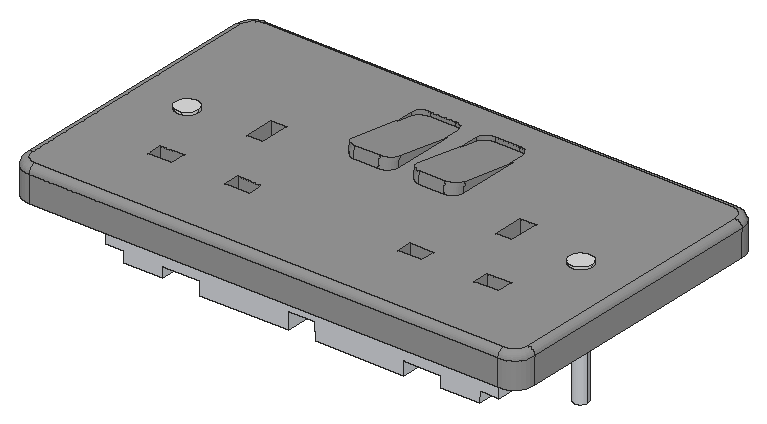
Revit family "ElectricalFixture_WiringAccessories_Hager_Sollysta_SwitchedSockets2Gang", category Electrical Fixtures, host Face, Revit 2015
Parameters (values of type "WMSS82")
  Warranty ID = ""
  Voltage (Volts) = "230V/240V"
  Unique Reference = "WMSS82"
  Type = "ElectricalFixture"
  Technical Description = Description  # "2GangDoublePoleSwitchedSocketDualEarth"
  Switch = yes
  Supply Phase = "1"
  Size = ""
  Shipping Weight kg = "0.188"
  Shape = "Rectangular"
  Reference Standard = "BS 1363-2"
  Product URL = "http://www.hager.co.uk/product-catalogue/wiring-accessories/sollysta/white-moulded/white-moulded-sockets/58428.htm"
  Product Range = "Sollysta"
  Product Model Number = "WMSS82"
  Product Literature = "http://www.hager.co.uk/product-catalogue/wiring-accessories/sollysta/38662.htm"
  Product Group = "WiringAccessories"
  Product Family = "WhiteMouldedSockets_SwitchedSockets"
  Packaging Recyclable = yes
  Overall Width = 0.0 mm
  Overall Length = 146.0 mm
  Overall Height = 86.0 mm
  Overall Depth = 26.07 mm
  Operation and Maintenance Manual = ""
  Name = "WhiteMouldedSocket_WMSS82"
  Measurement Units = "mm"
  Material = Urea Formaldehyde Thermoset Plastic
  Manufacturer Website = "http://www.hager.co.uk/"
  Manufacturer Country = "United Kingdom"
  Manufacturer = "Hager"
  LED Indicator Switch = no
  Gross Weight kg = "0.165"
  Frequency = "50/60Hz"
  Finish = "Gloss"
  Features = Description  # "2GangDoublePoleSwitchedSocketDualEarth"
  Extrusion From Wall = 12.61 mm
  Expected Life = "25 years"
  EAN Code = "5015652261117"
  Distance From Edge = 57.0 mm
  Distance From Centre = 21.098 mm
  Design Country = "China"
  Description = "2GangDoublePoleSwitchedSocketDualEarth"
  Default Elevation = 1219.2 mm
  Colour = "SollystaWhite"
  CE Approval = yes
Types (5, lengths in mm): name | Unique Reference | Technical Description | Switch | Product Model Number | Name | LED Indicator Switch | Features | EAN Code | Distance From Edge | Distance From Centre | Description
  WMSS82 | "WMSS82" | "2GangDoublePoleSwitchedSocketDualEarth" | yes | "WMSS82" | "WhiteMouldedSocket_WMSS82" | no | "2GangDoublePoleSwitchedSocketDualEarth" | "5015652261117" | 57.0 | 21.098 | "2GangDoublePoleSwitchedSocketDualEarth"
  WMSS82 N | "WMSS82N" | "2GangDoublePoleSwitchedSocketDualEarthWithLEDIndicators" | no | "WMSS82N" | "WhiteMouldedSocket_WMSS82N" | yes | "2GangDoublePoleSwitchedSocketDualEarthWithLEDIndicators" | "5015652261117" | 57.0 | 21.098 | "2GangDoublePoleSwitchedSocketDualEarthWithLEDIndicators"
  WMSS82O | "WMSS82O" | "2GangDoublePoleSwitchedSocketDualEarthOutboardRockers" | yes | "WMSS82O" | "WhiteMouldedSocket_WMSS82O" | no | "2GangDoublePoleSwitchedSocketDualEarthOutboardRockers" | "5015652261124" | 11.0 | 15.0 | "2GangDoublePoleSwitchedSocketDualEarthOutboardRockers"
  WMSS82ON | "WMSS82ON" | "2GangDoublePoleSwitchedSocketDualEarthOutboardRockerWithLEDIndicators" | no | "WMSS82ON" | "WhiteMouldedSocket_WMSS82ON" | yes | "2GangDoublePoleSwitchedSocketDualEarthOutboardRockerWithLEDIndicators" | "5015654745462" | 11.0 | 15.0 | "2GangDoublePoleSwitchedSocketDualEarthOutboardRockerWithLEDIndicators"
  WMSS82/HOUSERNG | "WMSS82/HOUSERNG" | "2GangDoublePoleSwitchedSocketDualEarthMarkedHousering" | yes | "WMSS82/HOUSERNG" | "WhiteMouldedSocket_WMSS82/HOUSERNG" | no | "2GangDoublePoleSwitchedSocketDualEarthMarkedHousering" | "5015654749965" | 57.0 | 21.098 | "2GangDoublePoleSwitchedSocketDualEarthMarkedHousering"
Reference planes
  plane 1 "Center (Front/Back)": y = 0
  plane 2: z = 0
  plane 3 "Center (Left/Right)": x = 0
  plane 4: y = -43
  plane 5: y = 43
  plane 6: x = -73
  plane 7: x = 73
  plane 8: z = 9.47
  plane 9: z = -16.6
  plane 10: z = 12.61
  plane 11: y = -471.393
  plane 12: z = -20.53
  plane 13: x = -2.586
  plane 14: x = -16
  plane 15: x = -38.077
  plane 16: x = -43.298
  plane 17: x = -50.332
  plane 18: x = -28.135
  plane 19: x = -21.098
  plane 20: x = -33.398
  plane 21: x = 2.586
  plane 22: x = 16
  plane 23: x = 38.077
  plane 24: x = 43.298
  plane 25: x = 50.332
  plane 26: x = 28.135
  plane 27: x = 21.098
  plane 28: x = 33.398
  plane 29: x = -56.219
  plane 30: x = 56.5
Forms (mm)
  Extrusion 1, solid, material "Urea Formaldehyde Thermoset Plastic", detail levels fine
    sketch origin (0, 0, 0) x (1, 0, 0) y (0, 1, 0)
      loop
        arc (67.146, -43) -> (71.285, -41.285) -> (73, -37.146) r 5.854
        line (73, -37.146) -> (73, 37.146)
        arc (73, 37.146) -> (71.285, 41.285) -> (67.146, 43) r 5.854
        line (67.146, 43) -> (-67.146, 43)
        arc (-67.146, 43) -> (-71.285, 41.285) -> (-73, 37.146) r 5.854
        line (-73, 37.146) -> (-73, -37.146)
        arc (-73, -37.146) -> (-71.285, -41.285) -> (-67.146, -43) r 5.854
        line (-67.146, -43) -> (67.146, -43)
      loop
        line (-16, 29.658) -> (-16, 8.552)
        spline (-16, 8.552) -> (-15.968, 8.217) -> (-15.912, 7.887) -> (-15.819, 7.565) -> (-15.691, 7.255) -> (-15.53, 6.961) -> (-15.336, 6.687) -> (-15.113, 6.437) -> (-14.864, 6.213) -> (-14.591, 6.018) -> (-14.298, 5.855) -> (-13.989, 5.725) -> (-13.667, 5.631)
        line (-13.667, 5.631) -> (-4.905, 5.631)
        spline (-4.905, 5.631) -> (-4.583, 5.725) -> (-4.274, 5.855) -> (-3.981, 6.018) -> (-3.709, 6.213) -> (-3.459, 6.437) -> (-3.236, 6.687) -> (-3.043, 6.961) -> (-2.881, 7.255) -> (-2.754, 7.565) -> (-2.661, 7.887) -> (-2.605, 8.217) -> (-2.586, 8.552)
        line (-2.586, 8.552) -> (-2.586, 29.658)
        spline (-2.586, 29.658) -> (-2.612, 30.049) -> (-2.689, 30.434) -> (-2.815, 30.806) -> (-2.988, 31.158) -> (-3.206, 31.484) -> (-3.465, 31.779) -> (-3.76, 32.037) -> (-4.086, 32.255) -> (-4.438, 32.429) -> (-4.809, 32.555) -> (-5.194, 32.632) -> (-5.586, 32.657)
        line (-5.586, 32.657) -> (-12.987, 32.694)
        spline (-12.987, 32.694) -> (-13.378, 32.632) -> (-13.763, 32.555) -> (-14.135, 32.429) -> (-14.487, 32.255) -> (-14.813, 32.037) -> (-15.108, 31.779) -> (-15.367, 31.484) -> (-15.585, 31.158) -> (-15.758, 30.806) -> (-15.884, 30.434) -> (-15.961, 30.049) -> (-16, 29.658)
      loop
        line (-38.077, 7.05) -> (-38.077, -1.65) -> (-33.398, -1.65) -> (-33.398, 7.05) -> (-38.077, 7.05)
      loop
        line (-50.332, -17.166) -> (-50.332, -21.803) -> (-43.298, -21.803) -> (-43.298, -17.166) -> (-50.332, -17.166)
      loop
        line (-28.135, -17.164) -> (-28.135, -21.8) -> (-21.098, -21.8) -> (-21.098, -17.164) -> (-28.135, -17.164)
      loop
        spline (2.586, 8.552) -> (2.612, 8.161) -> (2.689, 7.776) -> (2.815, 7.404) -> (2.988, 7.052) -> (3.206, 6.726) -> (3.465, 6.431) -> (3.76, 6.173) -> (4.086, 5.955) -> (4.438, 5.781) -> (4.809, 5.655) -> (5.194, 5.578) -> (5.586, 5.553)
        line (5.586, 5.553) -> (12.987, 5.553)
        spline (12.987, 5.553) -> (13.378, 5.578) -> (13.763, 5.655) -> (14.135, 5.781) -> (14.487, 5.955) -> (14.813, 6.173) -> (15.108, 6.431) -> (15.367, 6.726) -> (15.585, 7.052) -> (15.758, 7.404) -> (15.884, 7.776) -> (15.961, 8.161) -> (16, 8.552)
        line (16, 8.552) -> (15.986, 29.658)
        spline (15.986, 29.658) -> (15.961, 30.049) -> (15.884, 30.434) -> (15.758, 30.806) -> (15.585, 31.158) -> (15.367, 31.484) -> (15.108, 31.779) -> (14.813, 32.037) -> (14.487, 32.255) -> (14.135, 32.429) -> (13.763, 32.555) -> (13.378, 32.632) -> (12.987, 32.694)
        line (12.987, 32.694) -> (5.586, 32.657)
        spline (5.586, 32.657) -> (5.194, 32.632) -> (4.809, 32.555) -> (4.438, 32.429) -> (4.086, 32.255) -> (3.76, 32.037) -> (3.465, 31.779) -> (3.206, 31.484) -> (2.988, 31.158) -> (2.815, 30.806) -> (2.689, 30.434) -> (2.612, 30.049) -> (2.586, 29.658)
        line (2.586, 29.658) -> (2.586, 8.552)
      loop
        line (33.398, 7.05) -> (33.398, -1.65) -> (38.077, -1.65) -> (38.077, 7.05) -> (33.398, 7.05)
      loop
        line (21.098, -17.2) -> (21.098, -21.468) -> (28.135, -21.468) -> (28.135, -17.2) -> (21.098, -17.2)
      loop
        line (43.298, -17.2) -> (43.298, -21.8) -> (50.332, -21.8) -> (50.332, -17.2) -> (43.298, -17.2)
      loop
        circle (-56.448, 0) r 3.228
      loop
        circle (56.448, 0) r 3.228
    from 0 to 9.47
  Extrusion 2, solid, material "Urea Formaldehyde Thermoset Plastic", visible <- "Switch", detail levels fine
    sketch origin (24.754, -1.007, 4.067) x (-1, 0, 0) y (0, -0.987688, 0.156434)
      loop
        line (8.754, -8.53) -> (8.754, -29.653)
        arc (8.754, -29.653) -> (9.702, -31.94) -> (11.989, -32.888) r 3.235
        line (11.989, -32.888) -> (16.243, -32.888) -> (18.86, -32.888)
        arc (18.86, -32.888) -> (21.199, -31.919) -> (22.168, -29.58) r 3.308
        line (22.168, -29.58) -> (22.168, -8.616)
        arc (22.168, -8.616) -> (21.207, -6.296) -> (18.887, -5.335) r 3.281
        line (18.887, -5.335) -> (11.949, -5.335)
        arc (11.949, -5.335) -> (9.69, -6.271) -> (8.754, -8.53) r 3.194
    from 0 to 9.42
  Extrusion 3, solid, material "Urea Formaldehyde Thermoset Plastic", visible <- "Switch", detail levels fine
    sketch origin (-24.754, -1.007, 4.067) x (1, 0, 0) y (0, 0.987688, -0.156434)
      loop
        arc (8.754, 8.53) -> (9.69, 6.271) -> (11.949, 5.335) r 3.194
        line (11.949, 5.335) -> (18.887, 5.335)
        arc (18.887, 5.335) -> (21.207, 6.296) -> (22.168, 8.616) r 3.281
        line (22.168, 8.616) -> (22.168, 29.58)
        arc (22.168, 29.58) -> (21.199, 31.919) -> (18.86, 32.888) r 3.308
        line (18.86, 32.888) -> (16.243, 32.888) -> (11.989, 32.888)
        arc (11.989, 32.888) -> (9.702, 31.94) -> (8.754, 29.653) r 3.235
        line (8.754, 29.653) -> (8.754, 8.53)
    from 0 to 9.42
  Extrusion 4, solid, material "LED Indicator", visible <- "LED Indicator Switch", detail levels fine
    sketch origin (3.643, -0.227, 4.737) x (-1, 0, 0) y (0, -0.987688, 0.156434)
      loop
        line (-3.19, -29.269) -> (-8.066, -29.269) -> (-8.066, -32.25) -> (-3.19, -32.25) -> (-3.19, -29.269)
    from 0 to 8.737
  Extrusion 5, solid, material "Urea Formaldehyde Thermoset Plastic", visible <- "LED Indicator Switch", detail levels fine
    sketch origin (-66.357, -0.98, 4.059) x (-1, 0, 0) y (0, -0.987688, 0.156434)
      loop
        line (-82.357, -8.53) -> (-82.357, -29.653)
        arc (-82.357, -29.653) -> (-81.41, -31.94) -> (-79.122, -32.888) r 3.235
        line (-79.122, -32.888) -> (-78.066, -32.888) -> (-78.066, -29.907) -> (-75.671, -29.907) -> (-73.19, -29.907) -> (-73.19, -32.888) -> (-72.214, -32.888)
        arc (-72.214, -32.888) -> (-69.875, -31.919) -> (-68.906, -29.58) r 3.308
        line (-68.906, -29.58) -> (-68.906, -8.616)
        arc (-68.906, -8.616) -> (-69.867, -6.296) -> (-72.187, -5.335) r 3.281
        line (-72.187, -5.335) -> (-79.163, -5.335)
        arc (-79.163, -5.335) -> (-81.421, -6.271) -> (-82.357, -8.53) r 3.194
    from 0 to 9.42
  Extrusion 6, solid, material "Urea Formaldehyde Thermoset Plastic", visible <- "LED Indicator Switch", detail levels fine
    sketch origin (-86.943, -0.98, 4.059) x (-1, 0, 0) y (0, -0.987688, 0.156434)
      loop
        line (-84.357, -8.53) -> (-84.357, -29.653)
        arc (-84.357, -29.653) -> (-83.41, -31.94) -> (-81.122, -32.888) r 3.235
        line (-81.122, -32.888) -> (-80.066, -32.888) -> (-80.066, -29.907) -> (-77.671, -29.907) -> (-75.19, -29.907) -> (-75.19, -32.888) -> (-74.252, -32.888)
        arc (-74.252, -32.888) -> (-71.912, -31.919) -> (-70.943, -29.58) r 3.308
        line (-70.943, -29.58) -> (-70.943, -8.616)
        arc (-70.943, -8.616) -> (-71.904, -6.296) -> (-74.224, -5.335) r 3.281
        line (-74.224, -5.335) -> (-81.163, -5.335)
        arc (-81.163, -5.335) -> (-83.421, -6.271) -> (-84.357, -8.53) r 3.194
    from 0 to 9.42
  Extrusion 7, solid, material "LED Indicator", visible <- "LED Indicator Switch", detail levels fine
    sketch origin (-17.099, -0.227, 4.737) x (-1, 0, 0) y (0, -0.987688, 0.156434)
      loop
        line (-5.346, -29.269) -> (-10.222, -29.269) -> (-10.222, -32.25) -> (-5.346, -32.25) -> (-5.346, -29.269)
    from 0 to 8.737
  Sweep 8, void
    path origin (0, 0, 0) x (1, 0, 0) y (0, 1, 0)
      loop
        arc (67.146, -43) -> (71.285, -41.285) -> (73, -37.146) r 5.854
        line (73, -37.146) -> (73, 37.146)
        arc (73, 37.146) -> (71.285, 41.285) -> (67.146, 43) r 5.854
        line (67.146, 43) -> (-67.146, 43)
        arc (-67.146, 43) -> (-71.285, 41.285) -> (-73, 37.146) r 5.854
        line (-73, 37.146) -> (-73, -37.146)
        arc (-73, -37.146) -> (-71.285, -41.285) -> (-67.146, -43) r 5.854
        line (-67.146, -43) -> (67.146, -43)
    profile origin (0, -43, 0) x (0, -1, 0) y (0, 0, 1)
      loop
        line (0, 9.47) -> (-2, 9.47)
        arc (-2, 9.47) -> (-0.586, 8.884) -> (0, 7.47) r 2
        line (0, 7.47) -> (0, 9.47)
  Extrusion 9, solid, material "Steel, Chrome Plated", detail levels fine
    sketch origin (0, 0, 0) x (1, 0, 0) y (0, 1, 0)
      loop
        circle (-56.448, 0) r 3.228
    from 0 to 10
  Extrusion 10, solid, material "Steel, Chrome Plated", detail levels fine
    sketch origin (0, 0, 0) x (1, 0, 0) y (0, 1, 0)
      loop
        circle (56.448, 0) r 3.228
    from 0 to 10
  Extrusion 11, solid, material "Urea Formaldehyde Thermoset Plastic", detail levels medium
    sketch origin (0, 0, 0) x (1, 0, 0) y (0, 1, 0)
      loop
        line (-73, 43) -> (-73, -43) -> (73, -43) -> (73, 43) -> (-73, 43)
    from 0 to 9.47
  Extrusion 12, solid
    sketch origin (0, 0, 0) x (1, 0, 0) y (0, 1, 0)
      loop
        line (-56.219, 24.214) -> (-56.219, -29.319) -> (56.5, -29.319) -> (56.5, 24.214) -> (-56.219, 24.214)
    from -16.6 to 0
  Extrusion 13, void
    sketch origin (-73, -504.912, 0) x (1, 0, 0) y (0, 0, 1)
      loop
        line (129.5, -16.6) -> (129.5, -12.6) -> (124.162, -12.6) -> (124.083, -15.626) -> (112.914, -15.626) -> (112.835, -12.6) -> (102.245, -12.6) -> (102.296, -16.3) -> (76.834, -16.3) -> (76.705, -11.4) -> (73.985, -11.4) -> (69.295, -11.4) -> (69.166, -16.3) -> (43.735, -16.3) -> (43.638, -12.6) -> (33.165, -12.6) -> (33.086, -15.626) -> (21.917, -15.626) -> (21.838, -12.6) -> (16.781, -12.6) -> (16.781, -16.6) -> (129.5, -16.6)
    from -529.126 to -475.593
  Extrusion 14, solid
    sketch origin (0, 0, 0) x (1, 0, 0) y (0, 1, 0)
      loop
        circle (-56.448, 0) r 2
      loop
        circle (56.448, 0) r 1.961
    from -25.952 to 0
Cuts and joins
  Sweep 8 cuts Extrusion 1
  Extrusion 13 cuts Extrusion 12
Lines and regions (mm)
  symbolic lines, style "ElectricalFixtures", not visible, detail levels coarse
    curve 1: line (73.42, -504.912, 19.451) -> (3.42, -504.912, 19.451)
    curve 2: arc (73.42, -504.912, 19.451) -> (38.42, -504.912, 54.451) -> (3.42, -504.912, 19.451) r 35
    curve 3: circle (38.42, -504.912, 54.451) r 6 normal (0, 1, 0)
    curve 4: line (38.42, -504.912, 54.451) -> (38.42, -504.912, 99.451)
    curve 5: line (38.42, -504.912, 99.451) -> (68.42, -504.912, 99.451)
    curve 6: line (38.42, -504.912, 54.451) -> (10.78, -504.912, 87.391)
    curve 7: line (10.78, -504.912, 87.391) -> (-3.315, -504.912, 75.564)
    curve 8: line (0.509, -504.912, 19.451) -> (-69.491, -504.912, 19.451)
    curve 9: arc (0.509, -504.912, 19.451) -> (-34.491, -504.912, 54.451) -> (-69.491, -504.912, 19.451) r 35
    curve 10: circle (-34.491, -504.912, 54.451) r 6 normal (0, 1, 0)
    curve 11: line (-34.491, -504.912, 54.451) -> (-34.491, -504.912, 99.451)
    curve 12: line (-34.491, -504.912, 99.451) -> (-4.491, -504.912, 99.451)
    curve 13: line (-34.491, -504.912, 54.451) -> (-62.13, -504.912, 87.391)
    curve 14: line (-62.13, -504.912, 87.391) -> (-76.226, -504.912, 75.564)
  symbolic lines, style "ElectricalFixtures", detail levels coarse
    curve 15: line (-71.342, -504.912, 0) -> (-1.342, -504.912, 0)
    curve 16: arc (-71.342, -504.912, 0) -> (-36.342, -504.912, 35) -> (-1.342, -504.912, 0) r 35
    curve 17: circle (-36.342, -504.912, 35) r 6 normal (0, -1, 0)
    curve 18: line (-36.342, -504.912, 35) -> (-36.342, -504.912, 80)
    curve 19: line (-36.342, -504.912, 80) -> (-66.342, -504.912, 80)
    curve 20: line (-36.342, -504.912, 35) -> (-8.702, -504.912, 67.94)
    curve 21: line (-8.702, -504.912, 67.94) -> (5.393, -504.912, 56.113)
    curve 22: line (1.569, -504.912, 0) -> (71.569, -504.912, 0)
    curve 23: arc (1.569, -504.912, 0) -> (36.569, -504.912, 35) -> (71.569, -504.912, 0) r 35
    curve 24: circle (36.569, -504.912, 35) r 6 normal (0, -1, 0)
    curve 25: line (36.569, -504.912, 35) -> (36.569, -504.912, 80)
    curve 26: line (36.569, -504.912, 80) -> (6.569, -504.912, 80)
    curve 27: line (36.569, -504.912, 35) -> (64.209, -504.912, 67.94)
    curve 28: line (64.209, -504.912, 67.94) -> (78.304, -504.912, 56.113)
  model lines, detail levels coarse
    curve 29: line (16, 29.755, 0) -> (16, 8.553, 0)
  model lines
    curve 30: line (-73, 37.146, 0) -> (-73, -37.146, 0)
    curve 31: line (-67.146, -43, 0) -> (67.146, -43, 0)
    curve 32: arc (-73, -37.146, 0) -> (-71.285, -41.285, 0) -> (-67.146, -43, 0) r 5.854
    curve 33: arc (-67.146, 43, 0) -> (-71.285, 41.285, 0) -> (-73, 37.146, 0) r 5.854
    curve 34: line (67.146, 43, 0) -> (-67.146, 43, 0)
    curve 35: arc (73, 37.146, 0) -> (71.285, 41.285, 0) -> (67.146, 43, 0) r 5.854
    curve 36: line (73, -37.146, 0) -> (73, 37.146, 0)
    curve 37: arc (67.146, -43, 0) -> (71.285, -41.285, 0) -> (73, -37.146, 0) r 5.854
    curve 38: line (50.332, -21.8, 0) -> (43.298, -21.8, 0)
    curve 39: line (43.298, -21.8, 0) -> (43.298, -17.2, 0)
    curve 40: line (43.298, -17.2, 0) -> (50.332, -17.2, 0)
    curve 41: line (50.332, -17.2, 0) -> (50.332, -21.8, 0)
    curve 42: line (28.135, -21.468, 0) -> (21.098, -21.468, 0)
    curve 43: line (21.098, -21.468, 0) -> (21.098, -17.2, 0)
    curve 44: line (21.098, -17.2, 0) -> (28.135, -17.2, 0)
    curve 45: line (28.135, -17.2, 0) -> (28.135, -21.468, 0)
    curve 46: line (33.398, -1.65, 0) -> (33.398, 7.05, 0)
    curve 47: line (33.398, 7.05, 0) -> (38.077, 7.05, 0)
    curve 48: line (38.077, 7.05, 0) -> (38.077, -1.65, 0)
    curve 49: line (38.077, -1.65, 0) -> (33.398, -1.65, 0)
    curve 50: arc (53.22, 0, 0) -> (56.448, -3.228, 0) -> (59.677, 0, 0) r 3.228
    curve 51: arc (59.677, 0, 0) -> (56.448, 3.228, 0) -> (53.22, 0, 0) r 3.228
    curve 52: spline (5.699, 4.428, 0) -> (5.276, 4.458, 0) -> (4.862, 4.549, 0) -> (4.461, 4.699, 0) -> (4.082, 4.905, 0) -> (3.73, 5.164, 0) -> (3.412, 5.472, 0) -> (3.133, 5.822, 0) -> (2.898, 6.21, 0) -> (2.711, 6.628, 0) -> (2.575, 7.069, 0) -> (2.492, 7.526, 0) -> (2.465, 7.991, 0)
    curve 53: line (12.806, 4.428, 0) -> (5.699, 4.428, 0)
    curve 54: spline (16, 7.444, 0) -> (15.973, 7.033, 0) -> (15.891, 6.628, 0) -> (15.757, 6.237, 0) -> (15.572, 5.867, 0) -> (15.34, 5.524, 0) -> (15.064, 5.213, 0) -> (14.75, 4.941, 0) -> (14.403, 4.712, 0) -> (14.028, 4.529, 0) -> (13.632, 4.397, 0) -> (13.223, 4.316, 0) -> (12.806, 4.289, 0)
    curve 55: line (16, 7.444, 0) -> (16, 29.755, 0)
    curve 56: line (2.465, 29.709, 0) -> (2.465, 7.991, 0)
    curve 57: line (-43.298, -21.803, 0) -> (-50.332, -21.803, 0)
    curve 58: line (-50.332, -21.803, 0) -> (-50.332, -17.166, 0)
    curve 59: line (-50.332, -17.166, 0) -> (-43.298, -17.166, 0)
    curve 60: line (-43.298, -17.166, 0) -> (-43.298, -21.803, 0)
    curve 61: line (-21.098, -21.8, 0) -> (-28.135, -21.8, 0)
    curve 62: line (-28.135, -21.8, 0) -> (-28.135, -17.164, 0)
    curve 63: line (-28.135, -17.164, 0) -> (-21.098, -17.164, 0)
    curve 64: line (-21.098, -17.164, 0) -> (-21.098, -21.8, 0)
    curve 65: line (-38.077, -1.65, 0) -> (-38.077, 7.05, 0)
    curve 66: line (-38.077, 7.05, 0) -> (-33.398, 7.05, 0)
    curve 67: line (-33.398, 7.05, 0) -> (-33.398, -1.65, 0)
    curve 68: line (-33.398, -1.65, 0) -> (-38.077, -1.65, 0)
    curve 69: arc (-59.677, 0, 0) -> (-56.448, -3.228, 0) -> (-53.22, 0, 0) r 3.228
    curve 70: arc (-53.22, 0, 0) -> (-56.448, 3.228, 0) -> (-59.677, 0, 0) r 3.228
    curve 71: line (-5.781, 4.289, 0) -> (-12.719, 4.289, 0)
    curve 72: spline (-2.586, 7.444, 0) -> (-2.614, 7.033, 0) -> (-2.695, 6.628, 0) -> (-2.829, 6.237, 0) -> (-3.014, 5.867, 0) -> (-3.246, 5.524, 0) -> (-3.522, 5.213, 0) -> (-3.836, 4.941, 0) -> (-4.184, 4.712, 0) -> (-4.558, 4.529, 0) -> (-4.954, 4.397, 0) -> (-5.364, 4.316, 0) -> (-5.781, 4.289, 0)
    curve 73: spline (-12.719, 4.289, 0) -> (-13.147, 4.317, 0) -> (-13.568, 4.4, 0) -> (-13.975, 4.536, 0) -> (-14.359, 4.723, 0) -> (-14.716, 4.959, 0) -> (-15.039, 5.238, 0) -> (-15.322, 5.557, 0) -> (-15.56, 5.91, 0) -> (-15.75, 6.29, 0) -> (-15.888, 6.691, 0) -> (-15.972, 7.107, 0) -> (-16, 7.53, 0)
    curve 74: line (-16, 29.709, 0) -> (-16, 7.53, 0)
    curve 75: line (-2.586, 7.444, 0) -> (-2.586, 29.781, 0)
    curve 76: spline (-12.692, 32.977, 0) -> (-13.123, 32.949, 0) -> (-13.548, 32.865, 0) -> (-13.958, 32.728, 0) -> (-14.346, 32.539, 0) -> (-14.706, 32.301, 0) -> (-15.031, 32.019, 0) -> (-15.316, 31.698, 0) -> (-15.557, 31.343, 0) -> (-15.748, 30.959, 0) -> (-15.887, 30.555, 0) -> (-15.972, 30.135, 0) -> (-16, 29.709, 0)
    curve 77: line (-5.821, 32.993, 0) -> (-12.692, 32.993, 0)
    curve 78: spline (-2.586, 29.781, 0) -> (-2.614, 30.198, 0) -> (-2.697, 30.608, 0) -> (-2.833, 31.004, 0) -> (-3.02, 31.379, 0) -> (-3.255, 31.726, 0) -> (-3.534, 32.041, 0) -> (-3.852, 32.316, 0) -> (-4.204, 32.548, 0) -> (-4.583, 32.733, 0) -> (-4.984, 32.868, 0) -> (-5.399, 32.949, 0) -> (-5.821, 32.977, 0)
    curve 79: line (12.765, 32.95, 0) -> (5.434, 32.95, 0)
    curve 80: spline (5.434, 32.95, 0) -> (5.043, 32.876, 0) -> (4.664, 32.757, 0) -> (4.303, 32.594, 0) -> (3.964, 32.389, 0) -> (3.652, 32.145, 0) -> (3.372, 31.867, 0) -> (3.128, 31.557, 0) -> (2.924, 31.22, 0) -> (2.761, 30.862, 0) -> (2.644, 30.487, 0) -> (2.572, 30.101, 0) -> (2.549, 29.709, 0)
    curve 81: spline (16, 29.755, 0) -> (15.972, 30.172, 0) -> (15.89, 30.581, 0) -> (15.754, 30.977, 0) -> (15.567, 31.352, 0) -> (15.332, 31.7, 0) -> (15.053, 32.014, 0) -> (14.734, 32.289, 0) -> (14.383, 32.522, 0) -> (14.003, 32.706, 0) -> (13.602, 32.841, 0) -> (13.187, 32.922, 0) -> (12.765, 32.95, 0)
Dimensions and locks
  plane 10 to plane 9 = 29.21 mm
  plane 8 to plane 9 = 26.07 mm
  plane 2 to plane 9 = 16.6 mm
  "Overall Length": plane 6 to plane 7
  "Overall Height": plane 4 to plane 5
  "Overall Depth": plane 9 to plane 8
  "Extrusion From Wall": plane 2 to plane 10
  plane 8 to plane 12 = 30.0 mm
  plane 19 to plane 18 to plane 20 to plane 15 to plane 16 to plane 17 = 7.036 mm locked, 5.264 mm locked, 4.678 mm locked, 5.222 mm locked, 7.033 mm locked
  plane 13 to plane 14 = 13.414 mm
  "Distance From Edge": plane 6 to plane 14
  plane 27 to plane 26 to plane 28 to plane 23 to plane 24 to plane 25 = 7.036 mm locked, 5.264 mm locked, 4.678 mm locked, 5.222 mm locked, 7.033 mm locked
  "Distance From Edge": plane 22 to plane 7
  locked: plane 21 to plane 22 at 13.414
  "Distance From Centre": plane 3 "Center (Left/Right)" to plane 27
  "Distance From Centre": plane 19 to plane 3 "Center (Left/Right)"
  locked: Extrusion 1 sketch curve to Extrusion 1 sketch curve at 16.552  (x2)
  locked: plane 29 to plane 6 at 16.781
  locked: plane 30 to plane 7 at 16.5
  aligned and locked: plane 2 to host face
  aligned and locked: level to host face
  aligned and locked: Extrusion 1 sketch curve to plane 4
  aligned and locked: Extrusion 1 sketch curve to plane 7
  aligned and locked: Extrusion 1 sketch curve to plane 5
  aligned and locked: Extrusion 1 sketch curve to plane 6
  aligned and locked: plane 14 to Extrusion 1 sketch curve
  aligned and locked: plane 13 to Extrusion 1 sketch curve
  aligned and locked: plane 15 to Extrusion 1 sketch curve
  aligned and locked: plane 20 to Extrusion 1 sketch curve
  aligned and locked: plane 17 to Extrusion 1 sketch curve
  aligned and locked: plane 16 to Extrusion 1 sketch curve
  aligned and locked: plane 18 to Extrusion 1 sketch curve
  aligned and locked: plane 19 to Extrusion 1 sketch curve
  aligned and locked: Extrusion 1 sketch curve to plane 21
  aligned and locked: Extrusion 1 sketch curve to plane 22
  aligned and locked: Extrusion 1 sketch curve to plane 28
  aligned and locked: Extrusion 1 sketch curve to plane 23
  aligned and locked: Extrusion 1 sketch curve to plane 27
  aligned and locked: Extrusion 1 sketch curve to plane 26
  aligned and locked: Extrusion 1 sketch curve to plane 24
  aligned and locked: Extrusion 1 sketch curve to plane 25
  aligned and locked: Extrusion 1 to plane 8
  aligned and locked: curve 29 to plane 22
  aligned and locked: plane 21 to Extrusion 2
  aligned and locked: plane 22 to Extrusion 2 sketch curve
  aligned and locked: plane 14 to Extrusion 3
  aligned and locked: plane 13 to Extrusion 3
  aligned and locked: Extrusion 2 to Extrusion 1  (x2)
  aligned and locked: Extrusion 3 to Extrusion 1  (x2)
  aligned and locked: Extrusion 5 to Extrusion 1
  aligned and locked: Extrusion 4 sketch curve to Extrusion 5
  aligned and locked: Extrusion 6 to Extrusion 1
  aligned and locked: Extrusion 6 sketch curve to Extrusion 1  (x2)
  aligned and locked: Extrusion 7 to Extrusion 6  (x2)
  aligned and locked: Sweep 8 sketch curve to plane 4
  aligned and locked: Sweep 8 sketch curve to plane 6
  aligned and locked: Sweep 8 sketch curve to plane 5
  aligned and locked: Sweep 8 sketch curve to plane 7
  aligned and locked: Extrusion 9 sketch curve to cut or joined group of Extrusion 1, Sweep 8  (x2)
  aligned and locked: Extrusion 10 sketch curve to cut or joined group of Extrusion 1, Sweep 8  (x2)
  aligned and locked: curve 32 to cut or joined group of Extrusion 1, Sweep 8
  aligned and locked: curve 33 to cut or joined group of Extrusion 1, Sweep 8
  aligned and locked: curve 35 to cut or joined group of Extrusion 1, Sweep 8
  aligned and locked: curve 37 to cut or joined group of Extrusion 1, Sweep 8
  aligned and locked: curve 38 to cut or joined group of Extrusion 1, Sweep 8
  aligned and locked: curve 39 to cut or joined group of Extrusion 1, Sweep 8
  aligned and locked: curve 40 to cut or joined group of Extrusion 1, Sweep 8
  aligned and locked: curve 41 to cut or joined group of Extrusion 1, Sweep 8
  aligned and locked: curve 42 to cut or joined group of Extrusion 1, Sweep 8
  aligned and locked: curve 43 to cut or joined group of Extrusion 1, Sweep 8
  aligned and locked: curve 44 to cut or joined group of Extrusion 1, Sweep 8
  aligned and locked: curve 45 to cut or joined group of Extrusion 1, Sweep 8
  aligned and locked: curve 46 to cut or joined group of Extrusion 1, Sweep 8
  aligned and locked: curve 47 to cut or joined group of Extrusion 1, Sweep 8
  aligned and locked: curve 48 to cut or joined group of Extrusion 1, Sweep 8
  aligned and locked: curve 49 to cut or joined group of Extrusion 1, Sweep 8
  aligned and locked: curve 50 to Extrusion 10
  aligned and locked: curve 51 to Extrusion 10
  aligned and locked: curve 55 to Extrusion 5
  aligned and locked: curve 57 to cut or joined group of Extrusion 1, Sweep 8
  aligned and locked: curve 58 to cut or joined group of Extrusion 1, Sweep 8
  aligned and locked: curve 59 to cut or joined group of Extrusion 1, Sweep 8
  aligned and locked: curve 60 to cut or joined group of Extrusion 1, Sweep 8
  aligned and locked: curve 61 to cut or joined group of Extrusion 1, Sweep 8
  aligned and locked: curve 62 to cut or joined group of Extrusion 1, Sweep 8
  aligned and locked: curve 63 to cut or joined group of Extrusion 1, Sweep 8
  aligned and locked: curve 64 to cut or joined group of Extrusion 1, Sweep 8
  aligned and locked: curve 65 to cut or joined group of Extrusion 1, Sweep 8
  aligned and locked: curve 66 to cut or joined group of Extrusion 1, Sweep 8
  aligned and locked: curve 67 to cut or joined group of Extrusion 1, Sweep 8
  aligned and locked: curve 68 to cut or joined group of Extrusion 1, Sweep 8
  aligned and locked: curve 69 to Extrusion 9
  aligned and locked: curve 70 to Extrusion 9
  aligned and locked: curve 71 to Extrusion 6
  aligned and locked: curve 74 to Extrusion 6
  aligned and locked: curve 75 to Extrusion 6
  aligned and locked: curve 77 to Extrusion 7
  aligned and locked: curve 79 to Extrusion 2
  aligned and locked: Extrusion 11 sketch curve to plane 6
  aligned and locked: Extrusion 11 sketch curve to plane 4
  aligned and locked: Extrusion 11 sketch curve to plane 7
  aligned and locked: Extrusion 11 sketch curve to plane 5
  aligned and locked: Extrusion 11 to plane 8
  aligned and locked: Extrusion 11 to level
  aligned and locked: plane 9 to Extrusion 12
  aligned and locked: plane 2 to Extrusion 12
  aligned and locked: Extrusion 13 sketch curve to plane 9
  aligned and locked: Extrusion 13 to Extrusion 12  (x3)
  aligned and locked: Extrusion 12 to Extrusion 13
  aligned and locked: plane 29 to cut or joined group of Extrusion 12, Extrusion 13
  aligned and locked: plane 30 to cut or joined group of Extrusion 12, Extrusion 13
  aligned and locked: level to Extrusion 14
Automatic sketch dimensions
  host sketch curve to host sketch curve = 2438.4 mm  (x2)
  plane 5 to Sweep 8 sketch curve = 5.854 mm  (x2)
  plane 6 to Sweep 8 sketch curve = 5.854 mm
  Sweep 8 sketch curve to plane 4 = 5.854 mm
  Sweep 8 sketch curve to profile plane = 0.0 mm
  level to Sweep 8 sketch curve = 7.47 mm
  Sweep 8 sketch curve to Sweep 8 sketch curve = 2.0 mm
  curve 29 to plane 1 "Center (Front/Back)" = 8.553 mm
  plane 1 "Center (Front/Back)" to Extrusion 1 sketch curve = 0.0 mm  (x2)
  Extrusion 1 sketch curve to plane 13 = 0.0 mm
  plane 6 to Extrusion 1 sketch curve = 5.854 mm
  Extrusion 1 sketch curve to plane 4 = 5.854 mm  (x2)
  Extrusion 1 sketch curve to plane 14 = 2.333 mm
  Extrusion 1 sketch curve to plane 13 = 2.319 mm
  Extrusion 1 sketch curve to plane 22 = 3.013 mm
  plane 5 to Extrusion 1 sketch curve = 5.854 mm
  Extrusion 1 sketch curve to plane 4 = 21.197 mm
  Extrusion 1 sketch curve to plane 4 = 21.2 mm  (x2)
  plane 1 "Center (Front/Back)" to Extrusion 1 sketch curve = 21.468 mm
  Extrusion 1 sketch curve to Extrusion 1 sketch curve = 4.268 mm
  Extrusion 1 sketch curve to Extrusion 1 sketch curve = 4.6 mm
  Extrusion 1 sketch curve to Extrusion 1 sketch curve = 4.637 mm
  Extrusion 1 sketch curve to Extrusion 1 sketch curve = 4.636 mm
  plane 1 "Center (Front/Back)" to Extrusion 1 sketch curve = 1.65 mm  (x2)
  Extrusion 1 sketch curve to plane 1 "Center (Front/Back)" = 5.553 mm
  Extrusion 1 sketch curve to plane 1 "Center (Front/Back)" = 5.631 mm
  Extrusion 1 sketch curve to plane 1 "Center (Front/Back)" = 7.05 mm  (x2)
  Extrusion 1 sketch curve to Extrusion 1 sketch curve = 3.0 mm  (x3)
  plane 5 to Extrusion 1 sketch curve = 13.342 mm
  Extrusion 1 sketch curve to Extrusion 1 sketch curve = 0.0 mm  (x12)
  Extrusion 1 sketch curve to plane 14 = 0.014 mm  (x2)
  Extrusion 1 sketch curve to plane 14 = 3.013 mm
  Extrusion 1 sketch curve to Extrusion 1 sketch curve = 0.001 mm  (x7)
  Extrusion 1 sketch curve to Extrusion 1 sketch curve = 2.122 mm  (x5)
  Extrusion 1 sketch curve to Extrusion 1 sketch curve = 3.155 mm
  Extrusion 1 sketch curve to plane 13 = 3.0 mm  (x2)
  Extrusion 1 sketch curve to plane 13 = 0.878 mm
  Extrusion 1 sketch curve to plane 21 = 3.0 mm  (x4)
  Extrusion 1 sketch curve to plane 22 = 3.014 mm
  Extrusion 1 sketch curve to plane 22 = 0.892 mm  (x2)
  Extrusion 1 sketch curve to plane 22 = 0.014 mm  (x2)
  Extrusion 1 sketch curve to Extrusion 1 sketch curve = 2.121 mm  (x2)
  Extrusion 1 sketch curve to Extrusion 1 sketch curve = 2.123 mm  (x2)
  Extrusion 1 sketch curve to Extrusion 1 sketch curve = 0.036 mm  (x2)
  Extrusion 2 sketch curve to plane 21 = 0.0 mm
  Extrusion 2 sketch curve to plane 22 = 3.194 mm
  Extrusion 2 sketch curve to plane 22 = 3.235 mm
  Extrusion 2 sketch curve to Extrusion 2 sketch curve = 4.253 mm
  Extrusion 2 sketch curve to Extrusion 2 sketch curve = 2.617 mm
  Extrusion 2 sketch curve to Extrusion 2 sketch curve = 3.281 mm
  Extrusion 2 sketch curve to Extrusion 2 sketch curve = 20.963 mm
  Extrusion 3 sketch curve to plane 14 = 0.0 mm
  Extrusion 3 sketch curve to plane 13 = 0.0 mm
  Extrusion 3 sketch curve to plane 14 = 3.194 mm
  Extrusion 3 sketch curve to plane 14 = 3.235 mm
  Extrusion 3 sketch curve to Extrusion 3 sketch curve = 4.253 mm
  Extrusion 3 sketch curve to Extrusion 3 sketch curve = 2.617 mm
  Extrusion 3 sketch curve to Extrusion 3 sketch curve = 3.281 mm
  Extrusion 3 sketch curve to Extrusion 3 sketch curve = 20.963 mm
  Extrusion 4 sketch curve to plane 22 = 4.291 mm
  Extrusion 4 sketch curve to Extrusion 4 sketch curve = 2.981 mm
  Extrusion 5 sketch curve to plane 22 = 0.0 mm
  Extrusion 5 sketch curve to plane 22 = 3.194 mm
  Extrusion 5 sketch curve to plane 22 = 3.235 mm
  Extrusion 5 sketch curve to Extrusion 5 sketch curve = 1.056 mm
  Extrusion 5 sketch curve to Extrusion 5 sketch curve = 2.395 mm
  Extrusion 5 sketch curve to Extrusion 5 sketch curve = 2.48 mm
  Extrusion 5 sketch curve to Extrusion 5 sketch curve = 0.977 mm
  Extrusion 5 sketch curve to plane 21 = 3.243 mm
  plane 21 to Extrusion 5 sketch curve = 0.038 mm
  Extrusion 5 sketch curve to Extrusion 5 sketch curve = 0.0 mm
  Extrusion 5 sketch curve to Extrusion 5 sketch curve = 0.254 mm
  Extrusion 5 sketch curve to Extrusion 5 sketch curve = 20.963 mm
  Extrusion 6 sketch curve to Extrusion 6 sketch curve = 3.194 mm
  Extrusion 6 sketch curve to plane 13 = 3.235 mm
  Extrusion 6 sketch curve to Extrusion 6 sketch curve = 1.056 mm
  Extrusion 6 sketch curve to Extrusion 6 sketch curve = 2.395 mm
  Extrusion 6 sketch curve to Extrusion 6 sketch curve = 2.48 mm
  Extrusion 6 sketch curve to Extrusion 6 sketch curve = 0.939 mm
  Extrusion 6 sketch curve to plane 14 = 3.281 mm
  Extrusion 6 sketch curve to Extrusion 6 sketch curve = 0.0 mm
  Extrusion 6 sketch curve to Extrusion 6 sketch curve = 0.327 mm
  Extrusion 6 sketch curve to Extrusion 6 sketch curve = 20.963 mm
  Extrusion 7 sketch curve to plane 13 = 4.291 mm
  Extrusion 7 sketch curve to plane 14 = 4.247 mm
  Extrusion 7 sketch curve to Extrusion 7 sketch curve = 2.981 mm
  plane 21 to curve 52 = 0.122 mm
  curve 53 to plane 21 = 3.112 mm
  curve 53 to plane 1 "Center (Front/Back)" = 4.428 mm
  curve 53 to plane 22 = 3.194 mm
  curve 53 to curve 52 = 3.564 mm
  curve 55 to curve 29 = 1.109 mm
  curve 52 to curve 54 = 3.913 mm
  curve 54 to curve 53 = 0.139 mm
  curve 71 to plane 14 = 3.281 mm
  curve 71 to plane 13 = 3.194 mm
  curve 71 to curve 72 = 3.155 mm
  curve 71 to curve 73 = 3.241 mm
  curve 74 to curve 33 = 7.437 mm
  plane 5 to curve 75 = 13.219 mm
  curve 76 to curve 76 = 3.308 mm
  curve 76 to curve 76 = 3.268 mm
  curve 76 to curve 77 = 0.0 mm
  curve 77 to plane 13 = 3.235 mm
  curve 76 to curve 78 = 3.635 mm
  curve 78 to curve 77 = 0.016 mm
  curve 55 to curve 35 = 7.392 mm
  plane 5 to curve 56 = 13.291 mm
  curve 79 to plane 21 = 2.847 mm
  curve 79 to plane 22 = 3.235 mm
  plane 21 to curve 80 = 0.038 mm
  curve 81 to curve 81 = 3.235 mm
  curve 56 to curve 80 = 0.0 mm
  curve 79 to curve 80 = 0.423 mm
  plane 14 to Extrusion 12 sketch curve = 40.219 mm
  Extrusion 12 sketch curve to plane 4 = 13.681 mm
  plane 22 to Extrusion 12 sketch curve = 40.5 mm
  plane 5 to Extrusion 12 sketch curve = 18.786 mm
  plane 17 to Extrusion 13 sketch curve = 0.83 mm
  plane 17 to Extrusion 13 sketch curve = 0.751 mm
  plane 15 to Extrusion 13 sketch curve = 1.838 mm
  plane 15 to Extrusion 13 sketch curve = 1.759 mm
  plane 18 to Extrusion 13 sketch curve = 1.13 mm
  plane 26 to Extrusion 13 sketch curve = 1.11 mm
  plane 23 to Extrusion 13 sketch curve = 1.759 mm
  plane 25 to Extrusion 13 sketch curve = 0.751 mm
  plane 25 to Extrusion 13 sketch curve = 0.83 mm
  Extrusion 13 sketch curve to plane 9 = 0.974 mm  (x2)
  Extrusion 13 sketch curve to plane 9 = 4.0 mm  (x2)
  Extrusion 13 sketch curve to Extrusion 13 sketch curve = 3.026 mm  (x2)
  Extrusion 13 sketch curve to plane 9 = 0.3 mm  (x2)
  Extrusion 13 sketch curve to plane 3 "Center (Left/Right)" = 3.834 mm
  Extrusion 13 sketch curve to Extrusion 13 sketch curve = 0.128 mm  (x2)
  plane 3 "Center (Left/Right)" to Extrusion 13 sketch curve = 3.705 mm
  plane 26 to Extrusion 13 sketch curve = 1.161 mm
  Extrusion 13 sketch curve to Extrusion 13 sketch curve = 4.9 mm
  plane 3 "Center (Left/Right)" to Extrusion 13 sketch curve = 0.985 mm
  plane 23 to Extrusion 13 sketch curve = 1.838 mm
  plane 22 to Extrusion 13 sketch curve = 40.5 mm
  plane 14 to Extrusion 13 sketch curve = 40.219 mm
  plane 18 to Extrusion 13 sketch curve = 1.227 mm
  plane 1 "Center (Front/Back)" to Extrusion 14 sketch curve = 0.0 mm  (x2)
  plane 29 to Extrusion 14 sketch curve = 0.229 mm
  plane 30 to Extrusion 14 sketch curve = 0.052 mm
  radius of Extrusion 1 sketch curve = 3.228 mm  (x2)
  radius of Extrusion 14 sketch curve = 2.0 mm
  radius of Extrusion 14 sketch curve = 1.961 mm
Nested families
  nested 1: "LED Switch" at (115.776, 36.364, 0), type "LED Switch"
  nested 2: "LED Switch" at (-1946.613, 203, 0), type "LED Switch"
Connectors
  electrical at (0, 0, 0)
    settings: on cut or joined group of Extrusion 1, Sweep 8, index 1, voltage 230 V, apparent load 0 VA, apparent load phase1 0 VA, apparent load phase2 0 VA, apparent load phase3 0 VA, power factor 1, load classification "Other", number of poles 1, system type 31, power factor state 1, is connector primary yes, connector utility no, sub classification motor no, connector description ""
Definition of nested family "LED Switch"
  Parameters (values of type "LED Switch")
    LED Indicator Switch = no
  Reference planes
    plane 1 "Center (Front/Back)": y = 0
    plane 2: z = 0
    plane 3 "Center (Left/Right)": x = 0
  Forms (mm)
    Extrusion 1, solid, visible <- "LED Indicator Switch", detail levels fine
      sketch origin (-4.952, -17.415, 4.745) x (-1, 0, 0) y (0, -0.987688, 0.156434)
        loop
          line (-2.778, -29.269) -> (-7.654, -29.269) -> (-7.654, -32.25) -> (-2.778, -32.25) -> (-2.778, -29.269)
      from 0 to 8.633
    Extrusion 2, solid, visible <- "LED Indicator Switch", detail levels fine
      sketch origin (-74.952, -18.168, 4.067) x (-1, 0, 0) y (0, -0.987688, 0.156434)
        loop
          line (-82.054, -8.53) -> (-82.054, -29.653)
          arc (-82.054, -29.653) -> (-81.106, -31.94) -> (-78.819, -32.888) r 3.235
          line (-78.819, -32.888) -> (-77.654, -32.888) -> (-77.654, -29.907) -> (-75.259, -29.907) -> (-72.778, -29.907) -> (-72.778, -32.888) -> (-71.698, -32.888)
          arc (-71.698, -32.888) -> (-69.359, -31.919) -> (-68.39, -29.58) r 3.308
          line (-68.39, -29.58) -> (-68.39, -8.616)
          arc (-68.39, -8.616) -> (-69.351, -6.296) -> (-71.671, -5.335) r 3.281
          line (-71.671, -5.335) -> (-78.859, -5.335)
          arc (-78.859, -5.335) -> (-81.118, -6.271) -> (-82.054, -8.53) r 3.194
      from 0 to 9.42
  Dimensions and locks
    aligned and locked: level to plane 2
